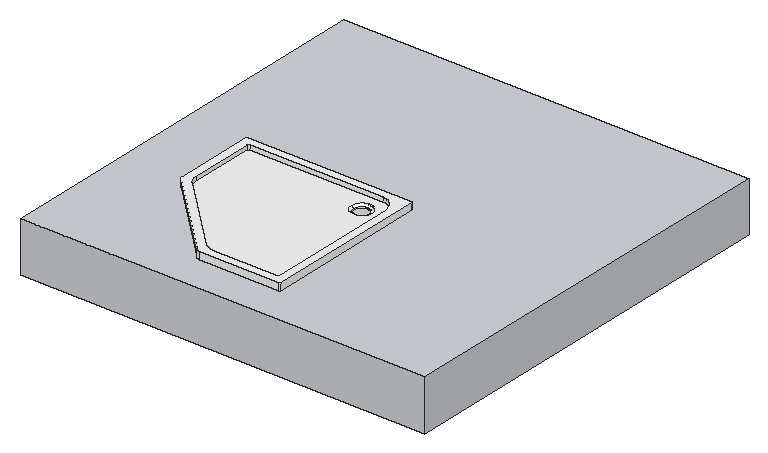
Revit family "IS_ConnectAir_E1058_BIM_DE", category Plumbing Fixtures, host Face, Revit 2014
Parameters (values of type "E105801 - Connect Air pentagon shower tray")
  WarrantyStartDate [instance] = "1900-12-31T23:59:59"
  WarrantyGuarantorParts = "idealstandard.de@idealstandard.com"
  WarrantyGuarantorLabor = "n/a"
  WarrantyDurationUnit = "year"
  WarrantyDurationParts = "n/a"
  WarrantyDurationLabor = "n/a"
  WarrantyDescription = "Manufacturers Warranty"
  VolumeUnits = "Litres"
  Version = "1"
  Uniclass2015Version = "Products v1.1"
  Uniclass2015Title = "Shower trays"
  Uniclass2015Code = "Pr_40_20_06_84"
  URL = "www.idealstandard.com"
  Type Comments = "n/a"
  TagNumber [instance] = "n/a"
  TMV3 = no
  SustainabilityPerformance = "n/a"
  SpareParts = "www.idealstandard.de/ersatzteile"
  Space = "Internal"
  Size = "1000x1000x40mm"
  ShowerType = "n/a"
  ShowerHeadDescription = "n/a"
  Shape = "Rectangular"
  SerialNumber [instance] = "n/a"
  Revision = "n/a"
  ReplacementCost = "n/a"
  ProductInformation = "www.idealstandard.de/produkte"
  Phone = "+49228 5210"
  NominalWidth = 1000 mm
  NominalLength = 1000 mm
  NominalHeight = 40 mm
  NettWeight = "15 kg"
  Name = "ShowerTrays_ConnectAir_E105801_IdealStandard"
  NBSTypeID = "n/a"
  NBSReference = "45-35-70/336"
  NBSOfficeMasterTag = "n/a"
  NBSNote = "n/a"
  NBSDescription = "Shower trays"
  NBSCertification = "n/a"
  ModelReference = Description  # "Connect Air pentagon shower tray"
  ModelNumber = Model  # "E105801"
  MaterialThickness = 0 mm
  Material = "Acrylic"
  ManufacturerURL = "www.idealstandard.com"
  LinearUnits = "millimeters"
  Keynote = "n/a"
  InstallationInstructions = "www.idealstandard.de/produkte"
  InstallationDate [instance] = "1900-12-31T23:59:59"
  IfcExportType = "SHOWER"
  IfcExportAs = "IfcSanitaryTerminalType"
  Help = "idealstandard.de@idealstandard.com"
  HasTray = yes
  HWFU = 0
  GrossWeight = "n/a"
  Grade = "n/a"
  Finish = "white"
  Features = "Connect Air pentagon shower tray"
  ExpectedLife = "25"
  DurationUnit = "year"
  DrainSize = 90 mm
  CurrencyUnit = "n/a"
  CreatedOn = "2016-11-09"
  Cost = 0
  Constituents = "n/a"
  ConnectionType = "Plumbing"
  Color = "White"
  CodePerformance = "DIN EN 14527, DIN EN 251, DIN EN 249"
  Category = "SanitaryTerminal_SHOWER"
  Reference = "n/a"
  Model = "E105801"
  Manufacturer = "idealstandard.de@idealstandard.com"
  Description = "Connect Air pentagon shower tray"
  Default Elevation = 0 mm
  CWFU = 0
  Brand = "Ideal Standard"
  BarCode = "5017830518709"
  BIMObjectName = "ISI_IdealStandard_ShowerTrays_ConnectAir_E105801"
  Author = "Ideal Standard GmbH"
  AssetType = "Fixed"
  AssetIdentifier [instance] = "n/a"
  Assembly Code = "C1030200"
  AreaUnits = "millimeters"
  AreaMeasurement = "n/a"
  Accessories = "www.idealstandard.de\\ersatzteile"
  AccessibilityPerformance = "n/a"
Reference planes
  plane 1 "Center (Front/Back)": y = 0
  plane 2: z = 0
  plane 3 "Center (Left/Right)": x = 0
  plane 4: x = 170
  plane 5: y = -1000
  plane 6: x = -830
  plane 7: through (-330, -1000, 1219.2) normal (-0.7071, -0.7071, 0)
  plane 8: y = -50
  plane 9: x = -780
  plane 10: x = 120
  plane 11: y = -950
  plane 12: through (-294.645, -964.645, 1219.2) normal (-0.7071, -0.7071, 0)
  plane 13: y = -170
  plane 14: z = 40
  plane 15: z = 15
Forms (mm)
  Extrusion 1, solid
    sketch origin (0, 0, 0) x (1, 0, 0) y (0, 1, 0)
      loop
        line (-1219.2, 1219.2) -> (-1219.2, -1219.2) -> (1219.2, -1219.2) -> (1219.2, 1219.2) -> (-1219.2, 1219.2)
    from 0 to -304.8
  Extrusion 2, solid, material "IS_RenderMaterial_VitreousChina"
    sketch origin (0, 0, 0) x (1, 0, 0) y (0, 1, 0)
      loop
        arc (-830, -483.431) -> (-826.955, -498.739) -> (-818.284, -511.716) r 40
        line (-818.284, -511.716) -> (-341.716, -988.284)
        arc (-341.716, -988.284) -> (-328.739, -996.955) -> (-313.431, -1000) r 40
        line (-313.431, -1000) -> (164, -1000)
        arc (164, -1000) -> (168.243, -998.243) -> (170, -994) r 6
        line (170, -994) -> (170, -6)
        arc (170, -6) -> (168.243, -1.757) -> (164, 0) r 6
        line (164, 0) -> (-824, 0)
        arc (-824, 0) -> (-828.243, -1.757) -> (-830, -6) r 6
        line (-830, -6) -> (-830, -483.431)
    from 0 to 40
  Extrusion 3, void
    sketch origin (0, 0, 40) x (0, 1, 0) y (1, 0, 0)
      loop
        line (-442.01, -780) -> (-60, -780)
        arc (-60, -780) -> (-52.929, -777.071) -> (-50, -770) r 10
        line (-50, -770) -> (-50, 30)
        arc (-50, 30) -> (-76.36, 93.64) -> (-140, 120) r 90
        line (-140, 120) -> (-940, 120)
        arc (-940, 120) -> (-947.071, 117.071) -> (-950, 110) r 10
        line (-950, 110) -> (-950, -272.01)
        arc (-950, -272.01) -> (-943.149, -306.452) -> (-923.64, -335.65) r 90
        line (-923.64, -335.65) -> (-505.65, -753.64)
        arc (-505.65, -753.64) -> (-476.452, -773.149) -> (-442.01, -780) r 90
    from 0 to 25
  Revolve 4, void
    sketch origin (29.669, -170, 1219.2) x (1, 0, 0) y (0, 0, 1)
      loop
        line (-29.669, -1204.2) -> (-91.701, -1204.2) -> (-74.669, -1215.216) -> (-74.669, -1219.2) -> (-29.669, -1219.2) -> (-29.669, -1204.2)
      loop
        line (-81.933, -1219.2) -> (-90.33, -1213.769) -> (-100.33, -1213.769) -> (-108.693, -1219.2) -> (-81.933, -1219.2)
      axis (-29.669, -1219.2) -> (-29.669, -1204.2)
    angle from 0 to 360
Cuts and joins
  Extrusion 3, Revolve 4 cuts Extrusion 2
Dimensions and locks
  "NominalWidth": plane 4 to plane 6
  "NominalHeight": plane 14 to Extrusion 1
  "NominalLength": plane 1 "Center (Front/Back)" to plane 5
  aligned and locked: plane 2 to Extrusion 1
  aligned and locked: level to Extrusion 1
  aligned and locked: Extrusion 2 to plane 14
  aligned and locked: Extrusion 3 to plane 15
Automatic sketch dimensions
  Extrusion 1 sketch curve to Extrusion 1 sketch curve = 2438.4 mm  (x2)
  Extrusion 2 sketch curve to plane 6 = 0 mm
  plane 1 "Center (Front/Back)" to Extrusion 2 sketch curve = 0 mm
  plane 7 to Extrusion 2 sketch curve = 0 mm  (x2)
  plane 5 to Extrusion 2 sketch curve = 0 mm
  Extrusion 2 sketch curve to plane 4 = 0 mm
  plane 6 to Extrusion 2 sketch curve = 6 mm
  plane 6 to Extrusion 2 sketch curve = 11.716 mm
  Extrusion 2 sketch curve to plane 9 = 10 mm
  Extrusion 2 sketch curve to plane 5 = 11.716 mm
  plane 11 to Extrusion 2 sketch curve = 10 mm
  Extrusion 2 sketch curve to Extrusion 2 sketch curve = 6 mm
  Extrusion 2 sketch curve to plane 4 = 6 mm
  Extrusion 3 sketch curve to Extrusion 2 = 50 mm  (x2)
  Extrusion 3 sketch curve to Extrusion 3 sketch curve = 10 mm  (x2)
  Extrusion 3 sketch curve to Extrusion 3 sketch curve = 26.36 mm
  Extrusion 3 sketch curve to Extrusion 3 sketch curve = 90 mm
  Extrusion 3 sketch curve to Extrusion 2 = 76.36 mm
  Extrusion 3 sketch curve to Extrusion 2 = 494.35 mm  (x2)
  Extrusion 3 sketch curve to Extrusion 3 sketch curve = 63.64 mm
  Extrusion 3 sketch curve to Extrusion 2 = 140 mm  (x2)
  Extrusion 3 sketch curve to Extrusion 2 = 60 mm
  Revolve 4 sketch curve to level = 0 mm  (x2)
  Revolve 4 sketch curve to plane 15 = 0 mm
  Revolve 4 sketch curve to plane 3 "Center (Left/Right)" = 0 mm  (x2)
  level to Revolve 4 sketch curve = 3.984 mm
  Revolve 4 sketch curve to plane 3 "Center (Left/Right)" = 45 mm
  Revolve 4 sketch curve to Revolve 4 sketch curve = 7.265 mm
  level to Revolve 4 sketch curve = 5.431 mm
  Revolve 4 sketch curve to Revolve 4 sketch curve = 8.397 mm
  Revolve 4 sketch curve to Revolve 4 sketch curve = 1.371 mm
  Revolve 4 sketch curve to Revolve 4 sketch curve = 10 mm
  Revolve 4 sketch curve to Revolve 4 sketch curve = 8.363 mm
  Revolve 4 sketch curve to level = 7.103 mm
  Revolve 4 sketch curve to Revolve 4 sketch curve = 9.291 mm
Connectors
  piping at (0, -170, 0), diameter 90
    settings: on cut or joined group of Extrusion 2, Extrusion 3, Revolve 4, index 1, connector inside diameter 24", connector length 0 mm, flow factor 0, pipe flow 0 GPM, pressure drop 0.00 psi, fitting loss kfactor 0, connector angle 0.00°, fixture units 0, engagement length 0 mm, angle of deflection 0.00°, flow configuration 2, flow direction 2, fitting loss method 0, system type 16, joint type 0, gender type 0, connector reference index -1, connector utility 0, adjustable connector no, is connector primary yes, connector description ""
